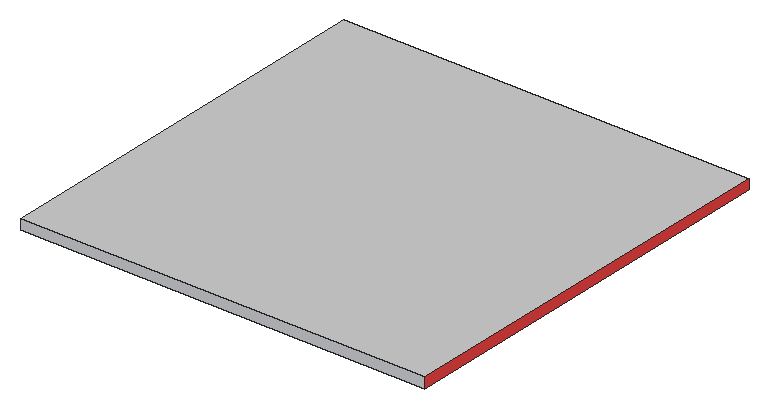
Revit family "GRIFO DE LAVABO MURAL KILY", category Aparatos sanitarios, Revit 2015
Parameters (values of type "4955600")
  URL = "http://www.griferiasgalindo.com/lavabo/kily/grifo-de-lavabo-mural-kily?c=es"
  Teléfono = "(+34) 915 782 575"
  TIPO DE AGUA = ""
  REFERENCIA = "4955600"
  Presión Máxima = ""
  PESO BRUTO = ""
  Modelo = "KILY"
  Material = LATON CROMADO
  Imagen de tipo = <Ninguno>
  Fabricante = "PRESTO IBÉRICA"
  Default Elevation = 1219.2 mm
  ENTRADA = "Macho 1/2''"
  Descripción = "Grifo monomando de lavabo mural. Colección de líneas refinadas y elegantes que se adaptan a todo tipo de ambientes. Su original maneta de forma ondulada destaca en inclinación del escultural diseño del cuerpo del grifo. Una grifería que decora el espacio de baño con personalidad siendo piezas prácticas y ergonómicas muy confortables con el toque de distinción perfecto."
  Código de montaje = "C1030220"
  Contacto = "info@prestoiberica.com"
  Conexión AF = yes
  Conexión AC = yes
  Comentarios de tipo = "◦Grifo monomando de lavabo mural\r\n◦Acabado Cromo\r\n◦Sin desagüe automático\r\n◦Cartucho sellado mezclador con discos cerámicos Ø35mm y aireador oculto"
  CIERRE = ""
  CAUDAL = "7 l/min a 3 bar"
  Accionamiento = "Por maneta"
Reference planes
  plane 1 "Centro (Frontal/Posterior)": y = 0
  plane 2: z = 0
  plane 3 "Centro (Izquierda/Derecha)": x = 0
Forms (mm)
  Extrusion 1, solid
    sketch origin (0, 0, 0) x (1, 0, 0) y (0, 1, 0)
      loop
        line (-100, 100) -> (-100, -100) -> (100, -100) -> (100, 100) -> (-100, 100)
    from 0 to -5
Dimensions and locks
  Extrusion 1 sketch curve to plane 1 "Centro (Frontal/Posterior)" = 100 mm
  aligned and locked: plane 2 to Extrusion 1
  aligned and locked: level to Extrusion 1
Connectors
  piping at (-86.05, 0.123, -41.5), diameter 12.7
    settings: on import instance, index 1, connector inside diameter 609.6 mm, connector length 0 mm, flow factor 0, pipe flow 0.0 L/s, pressure drop 0.0 Pa, fitting loss kfactor 0, connector angle 0.00°, fixture units 0, engagement length 0 mm, angle of deflection 0.00°, flow configuration 0, flow direction 1, fitting loss method 0, system type 19, joint type 0, gender type 0, connector reference index -1, connector utility 0, adjustable connector no, is connector primary yes, connector description ""
  piping at (86.75, 0.123, -41.5), diameter 12.7
    settings: on import instance, index 2, connector inside diameter 609.6 mm, connector length 0 mm, flow factor 0, pipe flow 0.0 L/s, pressure drop 0.0 Pa, fitting loss kfactor 0, connector angle 0.00°, fixture units 0, engagement length 0 mm, angle of deflection 0.00°, flow configuration 0, flow direction 1, fitting loss method 0, system type 20, joint type 0, gender type 0, connector reference index -1, connector utility 0, adjustable connector no, is connector primary no, connector description ""
